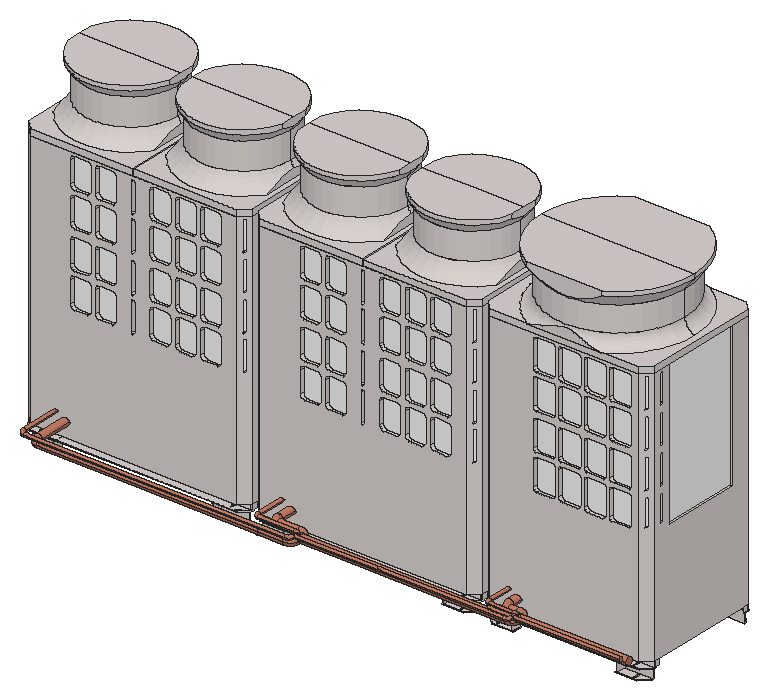
Revit family "PUHY-EP1000YSNW-A1", category 機械設備, Revit 2016 (continued)
Definition of nested family "PUHY-EP400YNW-A1"
  Cuts and joins
    Extrusion 2, Extrusion 3, Extrusion 4, Extrusion 5, Extrusion 6, Extrusion 7, Extrusion 8, Extrusion 9, Extrusion 10, Extrusion 11, Extrusion 12, Extrusion 13, Extrusion 14, Extrusion 15, Extrusion 16, Extrusion 17, Extrusion 18, Extrusion 19, Extrusion 20, Extrusion 21, Extrusion 22, Extrusion 23, Extrusion 24, Extrusion 25, Extrusion 26, Extrusion 27, Extrusion 28, Extrusion 29, Extrusion 30, Extrusion 31, Extrusion 32, Extrusion 33 cuts Extrusion 1
  Lines and regions (mm)
    model lines
      curve 1: line (-351, -291, 95) -> (-481, -291, 95)
      curve 2: line (-342, -206, 95) -> (-342, -282, 95)
      curve 3: line (-481, -197, 95) -> (-351, -197, 95)
      curve 4: line (-492, -280, 95) -> (-492, -208, 95)
      curve 5: arc (-492, -280, 95) -> (-488.778, -287.778, 95) -> (-481, -291, 95) r 11
      curve 6: arc (-351, -291, 95) -> (-344.636, -288.364, 95) -> (-342, -282, 95) r 9
      curve 7: arc (-342, -206, 95) -> (-344.636, -199.636, 95) -> (-351, -197, 95) r 9
      curve 8: arc (-481, -197, 95) -> (-488.778, -200.222, 95) -> (-492, -208, 95) r 11
      curve 9: line (-30, -370, 1521) -> (-30, -370, 95)
      curve 10: line (30, -370, 1521) -> (30, -370, 95)
      curve 11: line (-485, -370, 215) -> (-357, -370, 215)
      curve 12: line (-495, -370, 141) -> (-495, -370, 205)
      curve 13: line (-357, -370, 131) -> (-485, -370, 131)
      curve 14: line (-347, -370, 205) -> (-347, -370, 141)
      curve 15: arc (-485, -370, 215) -> (-492.071, -370, 212.071) -> (-495, -370, 205) r 10
      curve 16: arc (-495, -370, 141) -> (-492.071, -370, 133.929) -> (-485, -370, 131) r 10
      curve 17: arc (-357, -370, 131) -> (-349.929, -370, 133.929) -> (-347, -370, 141) r 10
      curve 18: arc (-347, -370, 205) -> (-349.929, -370, 212.071) -> (-357, -370, 215) r 10
      curve 19: line (-405, -370, 1521) -> (-405, -370, 716)
      curve 20: line (620, -162.3, 1521) -> (620, -162.3, 95)
      curve 21: line (620, 289.2, 1521) -> (620, 289.2, 95)
      curve 22: line (620, -162.3, 705) -> (620, 289.2, 705)
      curve 23: line (620, -162.3, 725) -> (620, 289.2, 725)
      curve 24: line (620, -76.8, 583) -> (620, 203.2, 583)
      curve 25: line (620, 203.2, 563) -> (620, -76.8, 563)
      curve 26: arc (620, -76.8, 583) -> (620, -83.871, 580.071) -> (620, -86.8, 573) r 10
      curve 27: arc (620, -76.8, 563) -> (620, -83.871, 565.929) -> (620, -86.8, 573) r 10
      curve 28: arc (620, 203.2, 583) -> (620, 210.271, 580.071) -> (620, 213.2, 573) r 10
      curve 29: arc (620, 203.2, 563) -> (620, 210.271, 565.929) -> (620, 213.2, 573) r 10
      curve 30: line (620, -76.8, 478) -> (620, 203.2, 478)
      curve 31: line (620, 203.2, 458) -> (620, -76.8, 458)
      curve 32: arc (620, -76.8, 478) -> (620, -83.871, 475.071) -> (620, -86.8, 468) r 10
      curve 33: arc (620, -76.8, 458) -> (620, -83.871, 460.929) -> (620, -86.8, 468) r 10
      curve 34: arc (620, 203.2, 478) -> (620, 210.271, 475.071) -> (620, 213.2, 468) r 10
      curve 35: arc (620, 203.2, 458) -> (620, 210.271, 460.929) -> (620, 213.2, 468) r 10
      curve 36: line (620, -76.8, 373) -> (620, 203.2, 373)
      curve 37: line (620, 203.2, 353) -> (620, -76.8, 353)
      curve 38: arc (620, -76.8, 373) -> (620, -83.871, 370.071) -> (620, -86.8, 363) r 10
      curve 39: arc (620, -76.8, 353) -> (620, -83.871, 355.929) -> (620, -86.8, 363) r 10
      curve 40: arc (620, 203.2, 373) -> (620, 210.271, 370.071) -> (620, 213.2, 363) r 10
      curve 41: arc (620, 203.2, 353) -> (620, 210.271, 355.929) -> (620, 213.2, 363) r 10
      curve 42: line (620, -76.8, 268) -> (620, 203.2, 268)
      curve 43: line (620, 203.2, 248) -> (620, -76.8, 248)
      curve 44: arc (620, -76.8, 268) -> (620, -83.871, 265.071) -> (620, -86.8, 258) r 10
      curve 45: arc (620, -76.8, 248) -> (620, -83.871, 250.929) -> (620, -86.8, 258) r 10
      curve 46: arc (620, 203.2, 268) -> (620, 210.271, 265.071) -> (620, 213.2, 258) r 10
      curve 47: arc (620, 203.2, 248) -> (620, 210.271, 250.929) -> (620, 213.2, 258) r 10
      curve 48: line (-620, -162.3, 1521) -> (-620, -162.3, 95)
      curve 49: line (-620, 235.7, 1521) -> (-620, 235.7, 95)
      curve 50: line (-620, -112.3, 1521) -> (-620, -112.3, 705)
      curve 51: line (-620, 215.7, 1521) -> (-620, 215.7, 705)
      curve 52: line (-620, 235.7, 705) -> (-620, -162.3, 705)
      curve 53: line (-620, 176.7, 268) -> (-620, -103.3, 268)
      curve 54: line (-620, -103.3, 248) -> (-620, 176.7, 248)
      curve 55: arc (-620, 186.7, 258) -> (-620, 183.771, 265.071) -> (-620, 176.7, 268) r 10
      curve 56: arc (-620, 176.7, 248) -> (-620, 183.771, 250.929) -> (-620, 186.7, 258) r 10
      curve 57: arc (-620, -103.3, 268) -> (-620, -110.371, 265.071) -> (-620, -113.3, 258) r 10
      curve 58: arc (-620, -113.3, 258) -> (-620, -110.371, 250.929) -> (-620, -103.3, 248) r 10
      curve 59: line (-620, 176.7, 373) -> (-620, -103.3, 373)
      curve 60: line (-620, -103.3, 353) -> (-620, 176.7, 353)
      curve 61: arc (-620, 186.7, 363) -> (-620, 183.771, 370.071) -> (-620, 176.7, 373) r 10
      curve 62: arc (-620, 176.7, 353) -> (-620, 183.771, 355.929) -> (-620, 186.7, 363) r 10
      curve 63: arc (-620, -103.3, 373) -> (-620, -110.371, 370.071) -> (-620, -113.3, 363) r 10
      curve 64: arc (-620, -113.3, 363) -> (-620, -110.371, 355.929) -> (-620, -103.3, 353) r 10
      curve 65: line (-620, 176.7, 478) -> (-620, -103.3, 478)
      curve 66: line (-620, -103.3, 458) -> (-620, 176.7, 458)
      curve 67: arc (-620, 186.7, 468) -> (-620, 183.771, 475.071) -> (-620, 176.7, 478) r 10
      curve 68: arc (-620, 176.7, 458) -> (-620, 183.771, 460.929) -> (-620, 186.7, 468) r 10
      curve 69: arc (-620, -103.3, 478) -> (-620, -110.371, 475.071) -> (-620, -113.3, 468) r 10
      curve 70: arc (-620, -113.3, 468) -> (-620, -110.371, 460.929) -> (-620, -103.3, 458) r 10
      curve 71: line (-620, 176.7, 583) -> (-620, -103.3, 583)
      curve 72: line (-620, -103.3, 563) -> (-620, 176.7, 563)
      curve 73: arc (-620, 186.7, 573) -> (-620, 183.771, 580.071) -> (-620, 176.7, 583) r 10
      curve 74: arc (-620, 176.7, 563) -> (-620, 183.771, 565.929) -> (-620, 186.7, 573) r 10
      curve 75: arc (-620, -103.3, 583) -> (-620, -110.371, 580.071) -> (-620, -113.3, 573) r 10
      curve 76: arc (-620, -113.3, 573) -> (-620, -110.371, 565.929) -> (-620, -103.3, 563) r 10
      curve 77: line (-544, 370, 1521) -> (-544, 370, 95)
      curve 78: line (489, 370, 649) -> (30, 370, 649)
      curve 79: line (-30.5, 370, 649) -> (-544, 370, 649)
      curve 80: line (-147.25, 370, 584) -> (-427.25, 370, 584)
      curve 81: line (-427.25, 370, 564) -> (-147.25, 370, 564)
      curve 82: arc (-137.25, 370, 574) -> (-140.179, 370, 581.071) -> (-147.25, 370, 584) r 10
      curve 83: arc (-147.25, 370, 564) -> (-140.179, 370, 566.929) -> (-137.25, 370, 574) r 10
      curve 84: arc (-427.25, 370, 584) -> (-434.321, 370, 581.071) -> (-437.25, 370, 574) r 10
      curve 85: arc (-437.25, 370, 574) -> (-434.321, 370, 566.929) -> (-427.25, 370, 564) r 10
      curve 86: circle (448, -185, 1521) r 15 normal (0, 0, 1)
      curve 87: circle (468, -185, 95) r 26 normal (0, 0, 1)
      curve 88: circle (448, -260, 95) r 32.5 normal (0, 0, 1)
      curve 89: circle (404, -204, 95) r 17 normal (0, 0, 1)
      curve 90: line (-550, -370, 1521) -> (-550, -370, 95)
      curve 91: line (-550, -370, 716) -> (-30, -370, 716)
      curve 92: line (550, -370, 95) -> (550, -370, 1521)
      curve 93: line (30, -370, 716) -> (550, -370, 716)
      curve 94: line (-30.5, 370, 1521) -> (-30.5, 370, 95)
      curve 95: line (30, 370, 1521) -> (30, 370, 95)
      curve 96: line (489, 370, 1521) -> (489, 370, 95)
      curve 97: line (467, 370, 669) -> (467, 370, 649)
      curve 98: line (-352, -370, 223) -> (-550, -370, 223)
      curve 99: line (-342, -370, 213) -> (-342, -370, 95)
      curve 100: arc (-342, -370, 213) -> (-344.929, -370, 220.071) -> (-352, -370, 223) r 10
      curve 101: circle (488, -370, 160) r 32.5 normal (0, -1, 0)
      curve 102: circle (488, -370, 160) r 20 normal (0, -1, 0)
      curve 103: circle (364, -370, 150) r 17 normal (0, -1, 0)
      curve 104: circle (413, -370, 185) r 26 normal (0, -1, 0)
      curve 105: circle (413, -370, 185) r 13.5 normal (0, -1, 0)
      curve 106: line (352, -370, 223) -> (550, -370, 223)
      curve 107: line (342, -370, 213) -> (342, -370, 95)
      curve 108: arc (342, -370, 213) -> (344.929, -370, 220.071) -> (352, -370, 223) r 10
      curve 109: line (-147.25, 370, 479) -> (-427.25, 370, 479)
      curve 110: line (-427.25, 370, 459) -> (-147.25, 370, 459)
      curve 111: arc (-137.25, 370, 469) -> (-140.179, 370, 476.071) -> (-147.25, 370, 479) r 10
      curve 112: arc (-147.25, 370, 459) -> (-140.179, 370, 461.929) -> (-137.25, 370, 469) r 10
      curve 113: arc (-427.25, 370, 479) -> (-434.321, 370, 476.071) -> (-437.25, 370, 469) r 10
      curve 114: arc (-437.25, 370, 469) -> (-434.321, 370, 461.929) -> (-427.25, 370, 459) r 10
      curve 115: line (-147.25, 370, 374) -> (-427.25, 370, 374)
      curve 116: line (-427.25, 370, 354) -> (-147.25, 370, 354)
      curve 117: arc (-137.25, 370, 364) -> (-140.179, 370, 371.071) -> (-147.25, 370, 374) r 10
      curve 118: arc (-147.25, 370, 354) -> (-140.179, 370, 356.929) -> (-137.25, 370, 364) r 10
      curve 119: arc (-427.25, 370, 374) -> (-434.321, 370, 371.071) -> (-437.25, 370, 364) r 10
      curve 120: arc (-437.25, 370, 364) -> (-434.321, 370, 356.929) -> (-427.25, 370, 354) r 10
      curve 121: line (-147.25, 370, 269) -> (-427.25, 370, 269)
      curve 122: line (-427.25, 370, 249) -> (-147.25, 370, 249)
      curve 123: arc (-137.25, 370, 259) -> (-140.179, 370, 266.071) -> (-147.25, 370, 269) r 10
      curve 124: arc (-147.25, 370, 249) -> (-140.179, 370, 251.929) -> (-137.25, 370, 259) r 10
      curve 125: arc (-427.25, 370, 269) -> (-434.321, 370, 266.071) -> (-437.25, 370, 259) r 10
      curve 126: arc (-437.25, 370, 259) -> (-434.321, 370, 251.929) -> (-427.25, 370, 249) r 10
      curve 127: line (399.5, 370, 584) -> (119.5, 370, 584)
      curve 128: line (119.5, 370, 564) -> (399.5, 370, 564)
      curve 129: arc (409.5, 370, 574) -> (406.571, 370, 581.071) -> (399.5, 370, 584) r 10
      curve 130: arc (399.5, 370, 564) -> (406.571, 370, 566.929) -> (409.5, 370, 574) r 10
      curve 131: arc (119.5, 370, 584) -> (112.429, 370, 581.071) -> (109.5, 370, 574) r 10
      curve 132: arc (109.5, 370, 574) -> (112.429, 370, 566.929) -> (119.5, 370, 564) r 10
      curve 133: line (399.5, 370, 479) -> (119.5, 370, 479)
      curve 134: line (119.5, 370, 459) -> (399.5, 370, 459)
      curve 135: arc (409.5, 370, 469) -> (406.571, 370, 476.071) -> (399.5, 370, 479) r 10
      curve 136: arc (399.5, 370, 459) -> (406.571, 370, 461.929) -> (409.5, 370, 469) r 10
      curve 137: arc (119.5, 370, 479) -> (112.429, 370, 476.071) -> (109.5, 370, 469) r 10
      curve 138: arc (109.5, 370, 469) -> (112.429, 370, 461.929) -> (119.5, 370, 459) r 10
      curve 139: line (399.5, 370, 374) -> (119.5, 370, 374)
      curve 140: line (119.5, 370, 354) -> (399.5, 370, 354)
      curve 141: arc (409.5, 370, 364) -> (406.571, 370, 371.071) -> (399.5, 370, 374) r 10
      curve 142: arc (399.5, 370, 354) -> (406.571, 370, 356.929) -> (409.5, 370, 364) r 10
      curve 143: arc (119.5, 370, 374) -> (112.429, 370, 371.071) -> (109.5, 370, 364) r 10
      curve 144: arc (109.5, 370, 364) -> (112.429, 370, 356.929) -> (119.5, 370, 354) r 10
      curve 145: line (399.5, 370, 269) -> (119.5, 370, 269)
      curve 146: line (119.5, 370, 249) -> (399.5, 370, 249)
      curve 147: arc (409.5, 370, 259) -> (406.571, 370, 266.071) -> (399.5, 370, 269) r 10
      curve 148: arc (399.5, 370, 249) -> (406.571, 370, 251.929) -> (409.5, 370, 259) r 10
      curve 149: arc (119.5, 370, 269) -> (112.429, 370, 266.071) -> (109.5, 370, 259) r 10
      curve 150: arc (109.5, 370, 259) -> (112.429, 370, 251.929) -> (119.5, 370, 249) r 10
      curve 151: line (399.5, -370, 584) -> (119.5, -370, 584)
      curve 152: line (119.5, -370, 564) -> (399.5, -370, 564)
      curve 153: arc (409.5, -370, 574) -> (406.571, -370, 581.071) -> (399.5, -370, 584) r 10
      curve 154: arc (399.5, -370, 564) -> (406.571, -370, 566.929) -> (409.5, -370, 574) r 10
      curve 155: arc (119.5, -370, 584) -> (112.429, -370, 581.071) -> (109.5, -370, 574) r 10
      curve 156: arc (109.5, -370, 574) -> (112.429, -370, 566.929) -> (119.5, -370, 564) r 10
      curve 157: line (399.5, -370, 479) -> (119.5, -370, 479)
      curve 158: line (119.5, -370, 459) -> (399.5, -370, 459)
      curve 159: arc (409.5, -370, 469) -> (406.571, -370, 476.071) -> (399.5, -370, 479) r 10
      curve 160: arc (399.5, -370, 459) -> (406.571, -370, 461.929) -> (409.5, -370, 469) r 10
      curve 161: arc (119.5, -370, 479) -> (112.429, -370, 476.071) -> (109.5, -370, 469) r 10
      curve 162: arc (109.5, -370, 469) -> (112.429, -370, 461.929) -> (119.5, -370, 459) r 10
      curve 163: line (399.5, -370, 374) -> (119.5, -370, 374)
      curve 164: line (119.5, -370, 354) -> (399.5, -370, 354)
      curve 165: arc (409.5, -370, 364) -> (406.571, -370, 371.071) -> (399.5, -370, 374) r 10
      curve 166: arc (399.5, -370, 354) -> (406.571, -370, 356.929) -> (409.5, -370, 364) r 10
      curve 167: arc (119.5, -370, 374) -> (112.429, -370, 371.071) -> (109.5, -370, 364) r 10
      curve 168: arc (109.5, -370, 364) -> (112.429, -370, 356.929) -> (119.5, -370, 354) r 10
      curve 169: arc (119.5, -370, 269) -> (112.429, -370, 266.071) -> (109.5, -370, 259) r 10
      curve 170: arc (109.5, -370, 259) -> (112.429, -370, 251.929) -> (119.5, -370, 249) r 10
      curve 171: line (-147.25, -370, 584) -> (-427.25, -370, 584)
      curve 172: line (-427.25, -370, 564) -> (-147.25, -370, 564)
      curve 173: arc (-137.25, -370, 574) -> (-140.179, -370, 581.071) -> (-147.25, -370, 584) r 10
      curve 174: arc (-147.25, -370, 564) -> (-140.179, -370, 566.929) -> (-137.25, -370, 574) r 10
      curve 175: arc (-427.25, -370, 584) -> (-434.321, -370, 581.071) -> (-437.25, -370, 574) r 10
      curve 176: arc (-437.25, -370, 574) -> (-434.321, -370, 566.929) -> (-427.25, -370, 564) r 10
      curve 177: line (-147.25, -370, 479) -> (-427.25, -370, 479)
      curve 178: line (-427.25, -370, 459) -> (-147.25, -370, 459)
      curve 179: arc (-137.25, -370, 469) -> (-140.179, -370, 476.071) -> (-147.25, -370, 479) r 10
      curve 180: arc (-147.25, -370, 459) -> (-140.179, -370, 461.929) -> (-137.25, -370, 469) r 10
      curve 181: arc (-427.25, -370, 479) -> (-434.321, -370, 476.071) -> (-437.25, -370, 469) r 10
      curve 182: arc (-437.25, -370, 469) -> (-434.321, -370, 461.929) -> (-427.25, -370, 459) r 10
      curve 183: line (-147.25, -370, 374) -> (-427.25, -370, 374)
      curve 184: line (-427.25, -370, 354) -> (-147.25, -370, 354)
      curve 185: arc (-137.25, -370, 364) -> (-140.179, -370, 371.071) -> (-147.25, -370, 374) r 10
      curve 186: arc (-147.25, -370, 354) -> (-140.179, -370, 356.929) -> (-137.25, -370, 364) r 10
      curve 187: arc (-427.25, -370, 374) -> (-434.321, -370, 371.071) -> (-437.25, -370, 364) r 10
      curve 188: arc (-437.25, -370, 364) -> (-434.321, -370, 356.929) -> (-427.25, -370, 354) r 10
      curve 189: line (-147.25, -370, 269) -> (-262.25, -370, 269)
      curve 190: line (-262.25, -370, 249) -> (-147.25, -370, 249)
      curve 191: arc (-137.25, -370, 259) -> (-140.179, -370, 266.071) -> (-147.25, -370, 269) r 10
      curve 192: arc (-147.25, -370, 249) -> (-140.179, -370, 251.929) -> (-137.25, -370, 259) r 10
      curve 193: arc (-262.25, -370, 269) -> (-269.321, -370, 266.071) -> (-272.25, -370, 259) r 10
      curve 194: arc (-272.25, -370, 259) -> (-269.321, -370, 251.929) -> (-262.25, -370, 249) r 10
      curve 195: line (234.5, -370, 269) -> (119.5, -370, 269)
      curve 196: line (119.5, -370, 249) -> (234.5, -370, 249)
      curve 197: arc (244.5, -370, 259) -> (241.571, -370, 266.071) -> (234.5, -370, 269) r 10
      curve 198: arc (234.5, -370, 249) -> (241.571, -370, 251.929) -> (244.5, -370, 259) r 10
  Dimensions and locks
    nested 2 to nested 2 = 303.000 mm
    cut or joined group 1 (Extrusion 1, Extrusion 2, Extrusion 3, Extrusion 4, Extrusion 5, Extrusion 6, Extrusion 7, Extrusion 8, Extrusion 9, Extrusion 10, Extrusion 11, Extrusion 12, Extrusion 13, Extrusion 14, Extrusion 15, Extrusion 16, Extrusion 17, Extrusion 18, Extrusion 19, Extrusion 20, Extrusion 21, Extrusion 22, Extrusion 23, Extrusion 24, Extrusion 25, Extrusion 26, Extrusion 27, Extrusion 28, Extrusion 29, Extrusion 30, Extrusion 31, Extrusion 32, Extrusion 33) to cut or joined group 1 = 1240.000 mm
    Extrusion 2 sketch curve to Extrusion 2 sketch curve = 116.800 mm
    Extrusion 2 sketch curve to Extrusion 2 sketch curve = 170.800 mm
    Extrusion 3 sketch curve to Extrusion 3 sketch curve = 116.800 mm
    Extrusion 3 sketch curve to Extrusion 3 sketch curve = 170.800 mm
    Extrusion 4 sketch curve to Extrusion 4 sketch curve = 116.800 mm
    Extrusion 4 sketch curve to Extrusion 4 sketch curve = 170.800 mm
    Extrusion 5 sketch curve to Extrusion 5 sketch curve = 116.800 mm
    Extrusion 5 sketch curve to Extrusion 5 sketch curve = 170.800 mm
    Extrusion 6 sketch curve to Extrusion 6 sketch curve = 116.800 mm
    Extrusion 6 sketch curve to Extrusion 6 sketch curve = 170.800 mm
    Extrusion 7 sketch curve to Extrusion 7 sketch curve = 116.800 mm
    Extrusion 7 sketch curve to Extrusion 7 sketch curve = 170.800 mm
    Extrusion 8 sketch curve to Extrusion 8 sketch curve = 116.800 mm
    Extrusion 8 sketch curve to Extrusion 8 sketch curve = 170.800 mm
    Extrusion 9 sketch curve to Extrusion 9 sketch curve = 116.800 mm
    Extrusion 9 sketch curve to Extrusion 9 sketch curve = 170.800 mm
    cut or joined group 1 to cut or joined group 1 = 50.000 mm  (x2)
    Extrusion 10 sketch curve to Extrusion 10 sketch curve = 116.800 mm
    Extrusion 10 sketch curve to Extrusion 10 sketch curve = 170.800 mm
    Extrusion 11 sketch curve to Extrusion 11 sketch curve = 116.800 mm
    Extrusion 11 sketch curve to Extrusion 11 sketch curve = 170.800 mm
    Extrusion 12 sketch curve to Extrusion 12 sketch curve = 116.800 mm
    Extrusion 12 sketch curve to Extrusion 12 sketch curve = 170.800 mm
    Extrusion 13 sketch curve to Extrusion 13 sketch curve = 116.800 mm
    Extrusion 13 sketch curve to Extrusion 13 sketch curve = 170.800 mm
    Extrusion 14 sketch curve to Extrusion 14 sketch curve = 116.800 mm
    Extrusion 14 sketch curve to Extrusion 14 sketch curve = 170.800 mm
    Extrusion 15 sketch curve to Extrusion 15 sketch curve = 116.800 mm
    Extrusion 15 sketch curve to Extrusion 15 sketch curve = 170.800 mm
    Extrusion 16 sketch curve to Extrusion 16 sketch curve = 116.800 mm
    Extrusion 16 sketch curve to Extrusion 16 sketch curve = 170.800 mm
    Extrusion 17 sketch curve to Extrusion 17 sketch curve = 116.800 mm
    Extrusion 17 sketch curve to Extrusion 17 sketch curve = 170.800 mm
    Extrusion 18 sketch curve to Extrusion 18 sketch curve = 116.800 mm
    Extrusion 18 sketch curve to Extrusion 18 sketch curve = 170.800 mm
    Extrusion 19 sketch curve to Extrusion 19 sketch curve = 116.800 mm
    Extrusion 19 sketch curve to Extrusion 19 sketch curve = 170.800 mm
    Extrusion 20 sketch curve to Extrusion 20 sketch curve = 116.800 mm
    Extrusion 20 sketch curve to Extrusion 20 sketch curve = 170.800 mm
    Extrusion 21 sketch curve to Extrusion 21 sketch curve = 116.800 mm
    Extrusion 21 sketch curve to Extrusion 21 sketch curve = 170.800 mm
    plane 3 "Center (Left/Right)" to cut or joined group 1 = 620.000 mm
    cut or joined group 1 to plane 3 "Center (Left/Right)" = 620.000 mm
    Extrusion 1 sketch curve to Extrusion 1 sketch curve = 1240.000 mm
    cut or joined group 1 to plane 8 = 185.000 mm
    cut or joined group 1 to plane 7 = 166.000 mm
    cut or joined group 1 to plane 6 = 110.000 mm
    cut or joined group 1 to plane 12 to cut or joined group 1 = 805.000 mm, 621.000 mm
    plane 5 to plane 2 = 1858.000 mm  (x2)
    cut or joined group 1 to plane 19 "132" = 132.000 mm
    cut or joined group 1 to plane 22 = 207.000 mm
    cut or joined group 1 to plane 23 = 256.000 mm
    cut or joined group 1 to plane 6 = 60.000 mm
    cut or joined group 1 to cut or joined group 1 = 42.154 mm
    cut or joined group 1 to cut or joined group 1 = 11.895 mm
    nested 1 to nested 3 to level = 1798.000 mm, 60.000 mm
    nested 1 to nested 1 = 303.000 mm
    nested 1 to nested 3 = 1495.000 mm
    nested 8 to nested 8 to nested 8 to nested 7 to nested 7 to nested 7 = 54.000 mm, 20.000 mm, 592.000 mm, 20.000 mm, 54.000 mm
    nested 3 to nested 3 = 56.000 mm
    plane 11 to plane 31 to plane 32 to cut or joined group 1 = 90.000 mm, 1060.000 mm, 90.000 mm
    curve 103 to nested 7 = 90.000 mm
    curve 104 to nested 7 = 125.000 mm
    curve 101 to nested 7 = 100.000 mm
    curve 11 to curve 13 to nested 7 = 84.000 mm, 71.000 mm
    cut or joined group 1 to curve 12 to curve 14 = 125.000 mm, 148.000 mm
    nested 2 to nested 7 = 1495.000 mm
    curve 87 to cut or joined group 1 = 152.000 mm
    curve 88 to cut or joined group 1 = 172.000 mm
    curve 89 to cut or joined group 1 = 216.000 mm
    cut or joined group 1 to curve 4 to curve 2 = 128.000 mm, 150.000 mm
    cut or joined group 1 to curve 1 to curve 3 = 79.000 mm, 94.000 mm
    Extrusion 32 sketch curve to nested 7 = 116.000 mm
    cut or joined group 1 to Extrusion 32 sketch curve = 160.000 mm
    cut or joined group 1 to Extrusion 33 sketch curve = 243.000 mm
    Extrusion 33 sketch curve to nested 7 = 116.000 mm
    aligned and locked: level to plane 2
    aligned and locked: Extrusion 1 to plane 4
  Nested families
    nested 1: "FAN GUARD" at (-311.5, 2, 860), type "FAN GUARD"
      with WIDTH 870.000 mm
    nested 2: "FAN GUARD" at (311.5, 2, 860) x (-1, 0, 0) z (0, 0, 1), type "FAN GUARD"
      with WIDTH 870.000 mm
    nested 3: "ATTACHMENT LEG" at (-524, -349, 0), type "ATTACHMENT LEG"
    nested 4: "ATTACHMENT LEG" at (-524, 349, 0), type "ATTACHMENT LEG"
    nested 5: "ATTACHMENT LEG" at (524, -349, 0) x (-1, 0, 0) z (0, 0, 1), type "ATTACHMENT LEG"
    nested 6: "ATTACHMENT LEG" at (524, 349, 0) x (-1, 0, 0) z (0, 0, 1), type "ATTACHMENT LEG"
    nested 7: "BASE LEG_L_" at (0, -352, 60), type "BASE LEG_L_"
      with Width 1240.000 mm
    nested 8: "BASE LEG_L_" at (0, 352, 60), type "BASE LEG_L_"
      with Width 1240.000 mm
  Connectors
    piping at (-460, -191, 176), diameter 25.4, driven by "Liquid pipe_radius"
      settings: on cut or joined group 1, index 3, connector inside diameter 25.4 mm, connector length 0.000 mm, flow factor 0, pipe flow 0.0 L/s, pressure drop 0.0 Pa, fitting loss kfactor 0, connector angle 0.00°, fixture units 0, engagement length 0.000 mm, angle of deflection 0.00°, flow configuration 0, flow direction 0, fitting loss method 0, system type 22, joint type 0, gender type 0, connector reference index -1, connector utility 0, adjustable connector no, is connector primary yes, connector description "Refrigerant service valve<Liquid pipe>"
    piping at (-377, -191, 176), diameter 28.58, driven by "Gas pipe_radius"
      settings: on cut or joined group 1, index 4, connector inside diameter 28.58 mm, connector length 0.000 mm, flow factor 0, pipe flow 0.0 L/s, pressure drop 0.0 Pa, fitting loss kfactor 0, connector angle 0.00°, fixture units 0, engagement length 0.000 mm, angle of deflection 0.00°, flow configuration 0, flow direction 0, fitting loss method 0, system type 22, joint type 0, gender type 0, connector reference index -1, connector utility 0, adjustable connector no, is connector primary no, connector description "Refrigerant service valve<Gas>"
    electrical at (0, -370, 808)
      settings: on cut or joined group 1, index 5, voltage 0 V, apparent load 0 VA, apparent load phase1 0 VA, apparent load phase2 0 VA, apparent load phase3 0 VA, power factor 1, load classification none, number of poles 1, system type 30, power factor state 1, is connector primary yes, connector utility no, sub classification motor no, connector description ""
  Definition of nested family "FAN GUARD"
    Parameters
      WIDTH [instance] = 870.000 mm
    Reference planes
      plane 1 "中心(正面/背面)": y = -2
      plane 2: z = 0
      plane 3 "ファンガード基準面": z = 661
      plane 4: y = 368
      plane 5: x = 366
      plane 6: x = -375
      plane 7 "ファンガード基準上面": z = 695
      plane 8 "ファンガード上面": z = 998
      plane 9: x = -273.971
      plane 10: x = 308.5
      plane 11: x = -308.5
      plane 12: x = 0
    Forms (mm)
      Extrusion 1, solid
        sketch origin (85, 0, 661) x (-1, 0, 0) y (0, -1, 0)
          loop
            line (343.5, -368) -> (393.5, -318) -> (393.5, 322) -> (343.5, 372) -> (-223.5, 372) -> (-223.5, -368) -> (343.5, -368)
        from 0 to 34
      Revolve 2, solid
        sketch origin (0, -2, 0) x (1, 0, 0) y (0, 0, 1)
          loop
            line (0, 695) -> (0, 998) -> (-290, 998) -> (-290, 972.327) -> (-260, 928.372) -> (-260, 777.384)
            arc (-260, 777.384) -> (-290.651, 730.137) -> (-334.665, 695) r 175.882
            line (-334.665, 695) -> (0, 695)
          axis (0, 998) -> (0, 695)
        angle from 0 to 360
      Extrusion 3, void
        sketch origin (-840, 75, 695) x (-1, 0, 0) y (0, -1, 0)
          loop
            line (-410, -165) -> (-410, 315) -> (-561.253, 315) -> (-561.253, -165) -> (-410, -165)
        from -35 to 430.592
      Extrusion 4, void
        sketch origin (840, 75, 695) x (1, 0, 0) y (0, 1, 0)
          loop
            line (-410, 165) -> (-561.253, 165) -> (-561.253, -315) -> (-410, -315) -> (-410, 165)
        from 0 to 430.592
    Cuts and joins
      Extrusion 3, Extrusion 4 cuts Revolve 2
      Extrusion 4 cuts Extrusion 1
    Lines and regions (mm)
      model lines
        curve 1: line (-278.747, 0, 998) -> (-80, 0, 998)
        curve 2: line (80, 0, 998) -> (278.747, 0, 998)
        curve 3: circle (0, 0, 998) r 80 normal (0, 0, 1)
        curve 4: line (-278.747, -80, 998) -> (278.747, -80, 998)
        curve 5: line (-241.868, -160, 998) -> (241.868, -160, 998)
        curve 6: line (-162.788, -240, 998) -> (162.788, -240, 998)
        curve 7: line (-278.747, 80, 998) -> (278.747, 80, 998)
        curve 8: line (-241.868, 160, 998) -> (240, 160, 998)
        curve 9: line (-160, 240, 998) -> (162.788, 240, 998)
        curve 10: line (0, 290, 998) -> (0, -290, 998)
        curve 11: line (-20, 289.31, 998) -> (-20, -289.31, 998)
        curve 12: line (-40, 287.228, 998) -> (-40, -287.228, 998)
        curve 13: line (-60, 283.725, 998) -> (-60, -283.725, 998)
        curve 14: line (-80, 278.747, 998) -> (-80, -278.747, 998)
        curve 15: line (20, 289.31, 998) -> (20, -289.31, 998)
        curve 16: line (40, 287.228, 998) -> (40, -287.228, 998)
        curve 17: line (60, 283.725, 998) -> (60, -283.725, 998)
        curve 18: line (80, 278.747, 998) -> (80, -278.747, 998)
        curve 19: line (100, 272.213, 998) -> (100, -272.213, 998)
        curve 20: line (120, 264.008, 998) -> (120, -264.008, 998)
        curve 21: line (140, 253.969, 998) -> (140, -253.969, 998)
        curve 22: line (160, 241.868, 998) -> (160, -243.132, 998)
        curve 23: line (180, 227.376, 998) -> (180, -227.624, 998)
        curve 24: line (200, 210, 998) -> (200, -210, 998)
        curve 25: line (220, 188.944, 998) -> (220, -188.944, 998)
        curve 26: line (240, 160, 998) -> (240, -162.788, 998)
        curve 27: line (260, 128.452, 998) -> (260, -128.452, 998)
        curve 28: line (-100, 272.213, 998) -> (-100, -272.213, 998)
        curve 29: line (-120, 264.008, 998) -> (-120, -264.008, 998)
        curve 30: line (-140, 253.969, 998) -> (-140, -253.969, 998)
        curve 31: line (-160, 240, 998) -> (-160, -241.868, 998)
        curve 32: line (-180, 227.376, 998) -> (-180, -227.376, 998)
        curve 33: line (-200, 210, 998) -> (-200, -210, 998)
        curve 34: line (-220, 188.944, 998) -> (-220, -188.944, 998)
        curve 35: line (-240, 162.788, 998) -> (-240, -162.788, 998)
        curve 36: line (-260, 128.452, 998) -> (-260, -128.452, 998)
        curve 37: line (10, 79.373, 998) -> (10, -79.373, 998)
        curve 38: line (-10, 79.373, 998) -> (-10, -79.373, 998)
        curve 39: line (30, 74.162, 998) -> (30, -74.162, 998)
        curve 40: line (50, 62.45, 998) -> (50, -62.45, 998)
        curve 41: line (70, 38.73, 998) -> (70, -38.73, 998)
        curve 42: line (-30, 74.162, 998) -> (-30, -74.162, 998)
        curve 43: line (-50, 62.45, 998) -> (-50, -62.45, 998)
        curve 44: line (-70, 38.73, 998) -> (-70, -38.73, 998)
    Dimensions and locks
      locked: plane 8 "ファンガード上面" to plane 7 "ファンガード基準上面" at 303
      plane 8 "ファンガード上面" to plane 3 "ファンガード基準面" = 337.000 mm
      Revolve 2 sketch curve to Revolve 2 sketch curve = 290.000 mm
      Extrusion 1 sketch curve to Extrusion 1 sketch curve = 740.000 mm
      equal spacing: Extrusion 1 sketch curve, plane 1 "中心(正面/背面)", Extrusion 1 sketch curve
      plane 6 to plane 5 = 741.000 mm
      Extrusion 1 sketch curve to Extrusion 1 sketch curve = 617.000 mm
      plane 11 to plane 10 = 617.000 mm
      cut or joined group of Extrusion 1, Extrusion 4 to cut or joined group of Extrusion 1, Extrusion 4 = 617.000 mm
      cut or joined group of Extrusion 1, Extrusion 4 to cut or joined group of Extrusion 1, Extrusion 4 = 740.000 mm
      aligned and locked: level to plane 2
      aligned and locked: plane 7 "ファンガード基準上面" to Extrusion 1
      aligned and locked: plane 3 "ファンガード基準面" to Extrusion 1
      aligned and locked: cut or joined group of Revolve 2, Extrusion 3, Extrusion 4 to plane 8 "ファンガード上面"
  Definition of nested family "ATTACHMENT LEG"
    Parameters
      Width = 145.000 mm
    Reference planes
      plane 1: z = 0
      plane 2 "中心(左/右)": x = -6
      plane 3: x = -52
      plane 4: x = 85
      plane 5: x = 93
      plane 6: y = -21
      plane 7: y = 27
      plane 8: x = -30
      plane 9: y = 39
      plane 10: z = 60
      plane 11: z = 57
      plane 12: z = 3
      plane 13: x = 82
      plane 14: y = 36
      plane 15: x = -75
      plane 16: y = 31
      plane 17 "幅": x = 93
      plane 18: y = 2.5
      plane 19: y = 21
      plane 20: y = -10
    Forms (mm)
      Extrusion 1, solid
        sketch origin (0, -1, 0) x (1, 0, 0) y (0, 1, 0)
          loop
            line (-75, 36) -> (-75, 27) -> (-28, -20) -> (93, -20) -> (93, 32) -> (85, 32) -> (85, 36) -> (-75, 36)
        from 0 to 60
      Extrusion 2, void
        sketch origin (0, -3, 0) x (1, 0, 0) y (0, 0, 1)
          loop
            line (-75, 57) -> (-75, 3) -> (82, 3) -> (82, 57) -> (-75, 57)
          loop
            line (93, 57) -> (85, 57) -> (85, 3) -> (93, 3) -> (93, 57)
        from -35 to 18
      Extrusion 3, void
        sketch origin (-6, 5.5, 0) x (1, 0, 0) y (0, 1, 0)
          loop
            arc (-7, -8.5) -> (0, -15.5) -> (7, -8.5) r 7
            line (7, -8.5) -> (7, 8.5)
            arc (7, 8.5) -> (0, 15.5) -> (-7, 8.5) r 7
            line (-7, 8.5) -> (-7, -8.5)
        from 0 to 60
    Cuts and joins
      Extrusion 2, Extrusion 3 cuts Extrusion 1
    Dimensions and locks
      locked: plane 3 to plane 4 at 137
      locked: plane 3 to plane 5 at 145
      plane 6 to plane 7 = 48.000 mm
      locked: plane 10 to level at 60
      Extrusion 3 sketch curve to plane 2 "中心(左/右)" = 7.000 mm
      locked: plane 15 to plane 2 "中心(左/右)" at 69
      locked: plane 15 to plane 8 at 45
      locked: plane 6 to plane 18 at 23.5
      cut or joined group of Extrusion 1, Extrusion 2, Extrusion 3 to cut or joined group of Extrusion 1, Extrusion 2, Extrusion 3 = 168.000 mm
      cut or joined group of Extrusion 1, Extrusion 2, Extrusion 3 to cut or joined group of Extrusion 1, Extrusion 2, Extrusion 3 = 56.000 mm  (x2)
      plane 14 to plane 6 = 57.000 mm
      aligned and locked: level to plane 1
      aligned and locked: Extrusion 1 sketch curve to plane 4
      aligned and locked: Extrusion 1 sketch curve to plane 5
      aligned: plane 8 to Extrusion 1 sketch curve
      aligned and locked: plane 10 to Extrusion 1
      aligned and locked: Extrusion 2 sketch curve to plane 11
      aligned: plane 3 to Extrusion 2 sketch curve
      aligned and locked: plane 12 to Extrusion 2 sketch curve
      aligned and locked: Extrusion 2 sketch curve to plane 13
      aligned and locked: plane 6 to Extrusion 2
      aligned and locked: plane 11 to Extrusion 2 sketch curve
      aligned and locked: plane 5 to Extrusion 2 sketch curve
      aligned and locked: Extrusion 2 sketch curve to plane 12
      aligned and locked: Extrusion 2 sketch curve to plane 4
      aligned and locked: plane 15 to Extrusion 1 sketch curve
      aligned and locked: Extrusion 2 sketch curve to cut or joined group of Extrusion 1, Extrusion 2, Extrusion 3
      aligned and locked: Extrusion 1 to plane 16
  Definition of nested family "BASE LEG_L_"
    Parameters
      Width [instance] = 1240.000 mm
    Reference planes
      plane 1 "中心(正面/背面)": y = 0
      plane 2: z = 0
      plane 3 "中心(左/右)": x = 0
      plane 4: x = 620
      plane 5: x = -620
      plane 6: x = -530
      plane 7: x = 530
      plane 8: y = -18
      plane 9: y = 39
      plane 10: z = 53
      plane 11: y = 42
      plane 12: y = 27
      plane 13: x = 575
      plane 14: x = -575
      plane 15: z = 8
      plane 16: y = 11.5
      plane 17: z = 35
    Forms (mm)
      Extrusion 1, solid
        sketch origin (0, 0, 0) x (0, 1, 0) y (0, 0, 1)
          loop
            line (-18, 0) -> (36, 0) -> (36, 32) -> (56, 32) -> (56, 35) -> (33, 35) -> (33, 3) -> (-18, 3) -> (-18, 0)
        from -620 to 620
      Extrusion 2, void
        sketch origin (0, 0, 0) x (1, 0, 0) y (0, 1, 0)
          loop
            line (575, -18) -> (620, -18) -> (620, 27) -> (575, -18)
          loop
            line (-575, -18) -> (-620, 27) -> (-620, -18) -> (-575, -18)
        from 0 to 250
      Extrusion 3, void
        sketch origin (0, 12.023, 0) x (1, 0, 0) y (0, 1, 0)
          loop
            arc (523, -2.971) -> (530, -9.971) -> (537, -2.971) r 7
            line (537, -2.971) -> (537, 3.023)
            arc (537, 3.023) -> (530, 10.023) -> (523, 3.023) r 7
            line (523, 3.023) -> (523, -2.971)
          loop
            line (-523, -2.971) -> (-523, 3.023)
            arc (-523, 3.023) -> (-530, 10.023) -> (-537, 3.023) r 7
            line (-537, 3.023) -> (-537, -2.971)
            arc (-537, -2.971) -> (-530, -9.971) -> (-523, -2.971) r 7
        from 0 to 250
      Extrusion 4, solid
        sketch origin (0, 0, -3) x (1, 0, 0) y (0, 0, 1)
          loop
            line (617, 8) -> (620, 8) -> (620, 35) -> (617, 35) -> (617, 8)
          loop
            line (-617, 8) -> (-617, 35) -> (-620, 35) -> (-620, 8) -> (-617, 8)
        from -36 to -56
      Extrusion 5, solid
        sketch origin (150, 352, 0) x (1, 0, 0) y (0, 1, 0)
          loop
            line (460, -319) -> (455, -319) -> (455, -320) -> (405, -370) -> (410, -370) -> (460, -320) -> (460, -319)
        from 3 to 35
      Extrusion 6, void
        sketch origin (560, -18, 0) x (0.707107, 0.707107, 0) y (0, 0, 1)
          loop
            line (70.711, 3) -> (-6.741, 39.767) -> (-6.741, 3) -> (70.711, 3)
        from -190.256 to 23.776
      Extrusion 7, solid
        sketch origin (-150, 352, 0) x (-1, 0, 0) y (0, -1, 0)
          loop
            line (460, 319) -> (460, 320) -> (410, 370) -> (405, 370) -> (455, 320) -> (455, 319) -> (460, 319)
        from 3 to 35
      Extrusion 8, void
        sketch origin (-560, -18, 0) x (0.707107, -0.707107, 0) y (0, 0, -1)
          loop
            line (-70.711, -3) -> (0, -35) -> (6.741, -35) -> (6.741, -3) -> (-70.711, -3)
        from -190.256 to 23.776
    Cuts and joins
      Extrusion 2, Extrusion 3 cuts Extrusion 1
      joined: Extrusion 1, Extrusion 4
      Extrusion 8 cuts Extrusion 7
      Extrusion 6 cuts Extrusion 5
    Dimensions and locks
      "Width": plane 5 to plane 4
      equal spacing: plane 5, plane 3 "中心(左/右)", plane 4
      locked: plane 5 to plane 6 at 90
      locked: plane 7 to plane 4 at 90
      locked: plane 8 to plane 9 at 57
      locked: plane 10 to level at 53
      locked: plane 9 to plane 11 at 3
      plane 8 to plane 12 = 45.000 mm
      locked: plane 13 to plane 4 at 45
      locked: plane 5 to plane 14 at 45
      equal spacing: Extrusion 3 sketch curve, plane 7, Extrusion 3 sketch curve
      equal spacing: Extrusion 3 sketch curve, plane 6, Extrusion 3 sketch curve
      locked: plane 10 to plane 15 at 45
      locked: cut or joined group of Extrusion 1, Extrusion 2, Extrusion 3, Extrusion 4 to Extrusion 4 sketch curve at 3  (x2)
      locked: plane 8 to plane 16 at 29.5
      plane 8 to plane 11 = 60.000 mm
      cut or joined group of Extrusion 1, Extrusion 2, Extrusion 3, Extrusion 4 to cut or joined group of Extrusion 1, Extrusion 2, Extrusion 3, Extrusion 4 = 35.000 mm
      aligned and locked: level to plane 2
      aligned and locked: plane 8 to Extrusion 1 sketch curve
      aligned and locked: plane 4 to Extrusion 1
      aligned and locked: Extrusion 1 to plane 5
      aligned and locked: Extrusion 2 sketch curve to plane 4
      aligned and locked: Extrusion 2 sketch curve to plane 8
      aligned and locked: plane 12 to Extrusion 2 sketch curve
      aligned and locked: plane 13 to Extrusion 2 sketch curve
      aligned and locked: plane 4 to Extrusion 4 sketch curve
      aligned and locked: plane 5 to Extrusion 4 sketch curve
      aligned and locked: cut or joined group of Extrusion 7, Extrusion 8 to cut or joined group of Extrusion 1, Extrusion 2, Extrusion 3, Extrusion 4
    Automatic sketch dimensions
      Extrusion 3 sketch curve to plane 1 "中心(正面/背面)" = 9.052 mm  (x2)
      Extrusion 3 sketch curve to plane 7 = 7.000 mm
      Extrusion 3 sketch curve to plane 1 "中心(正面/背面)" = 15.046 mm  (x2)
      Extrusion 3 sketch curve to plane 6 = 7.000 mm
      Extrusion 2 sketch curve to plane 5 = 0.000 mm
      plane 8 to Extrusion 2 sketch curve = 0.000 mm
      Extrusion 2 sketch curve to plane 14 = 0.000 mm
      plane 12 to Extrusion 2 sketch curve = 0.000 mm
      Extrusion 4 sketch curve to plane 10 = 21.000 mm
      plane 7 to Extrusion 5 sketch curve = 25.000 mm
      Extrusion 5 sketch curve to Extrusion 5 sketch curve = 5.000 mm  (x2)
      plane 7 to Extrusion 5 sketch curve = 75.000 mm
      plane 8 to Extrusion 5 sketch curve = 0.000 mm
      Extrusion 5 sketch curve to Extrusion 5 sketch curve = 50.000 mm
      Extrusion 5 sketch curve to Extrusion 5 sketch curve = 0.000 mm
      Extrusion 5 sketch curve to Extrusion 5 sketch curve = 1.000 mm
      Extrusion 6 sketch curve to Extrusion 5 = 0.000 mm  (x2)
      Extrusion 6 sketch curve to Extrusion 5 = 6.741 mm
      Extrusion 6 sketch curve to Extrusion 5 = 4.767 mm
      plane 6 to Extrusion 7 sketch curve = 25.000 mm
      Extrusion 7 sketch curve to Extrusion 7 sketch curve = 5.000 mm  (x2)
      Extrusion 7 sketch curve to Extrusion 7 sketch curve = 45.000 mm
      Extrusion 7 sketch curve to plane 8 = 0.000 mm
      Extrusion 7 sketch curve to Extrusion 7 sketch curve = 50.000 mm
      Extrusion 7 sketch curve to Extrusion 7 sketch curve = 0.000 mm
      Extrusion 7 sketch curve to Extrusion 7 sketch curve = 1.000 mm
      Extrusion 8 sketch curve to Extrusion 7 = 0.000 mm  (x2)
      Extrusion 7 to Extrusion 8 sketch curve = 0.000 mm  (x2)
      Extrusion 7 to Extrusion 8 sketch curve = 6.741 mm
      Extrusion 4 sketch curve to plane 17 = 3.000 mm
      Extrusion 4 sketch curve to plane 15 = 3.000 mm  (x2)
      Extrusion 1 sketch curve to plane 17 = 0.000 mm
      Extrusion 1 sketch curve to level = 0.000 mm
      level to Extrusion 1 sketch curve = 3.000 mm
      plane 9 to Extrusion 1 sketch curve = 6.000 mm
      plane 9 to Extrusion 1 sketch curve = 3.000 mm
      Extrusion 1 sketch curve to plane 17 = 3.000 mm
      Extrusion 1 sketch curve to plane 11 = 14.000 mm
Definition of nested family "PUHY-EP250YNW-A1"
  Parameters
    Model = "PUHY-P250YNW-A"
    URL = "http://www.mitsubishielectric.com/"
    Manufacturer = "Mitsubishi Electric Corporation"
    Liquid pipe_radius = 4.760 mm
    Gas pipe_radius = 11.100 mm
  Reference planes
    plane 1 "Center (Front/Back)": y = 0
    plane 2: z = 0
    plane 3 "Center (Left/Right)": x = 0
    plane 4 "11": through (-415, 370, 1200) normal (0.7071, -0.7071, 0)
    plane 5 "22": through (-415, -370, 1200) normal (-0.7071, -0.7071, 0)
    plane 6 "44": through (460, 325, 1200) normal (-0.7071, -0.7071, 0)
    plane 7 "33": through (460, -325, 1200) normal (0.7071, -0.7071, 0)
    plane 8: z = 754.5
    plane 9: z = 909.5
    plane 10: x = -300
    plane 11: x = -217
    plane 12: y = 370
    plane 13: y = -370
    plane 14: x = -460
    plane 15: x = 460
  Forms (mm)
    Extrusion 1, solid
      sketch origin (0, 0, 113) x (-1, 0, 0) y (0, -1, 0)
        loop
          line (410, -370) -> (460, -320) -> (460, 320) -> (410, 370) -> (-410, 370) -> (-460, 320) -> (-460, -320) -> (-410, -370) -> (410, -370)
      from -18 to 1408
    Extrusion 2, void
      sketch origin (410, -370, 113) x (1, 0, 0) y (0, 0, -1)
        loop
          arc (-55, -1393.5) -> (-40.858, -1387.642) -> (-35, -1373.5) r 20
          line (-35, -1373.5) -> (-35, -1238.676)
          arc (-35, -1238.676) -> (-40.858, -1224.534) -> (-55, -1218.676) r 20
          line (-55, -1218.676) -> (-139.8, -1218.676)
          arc (-139.8, -1218.676) -> (-153.942, -1224.534) -> (-159.8, -1238.676) r 20
          line (-159.8, -1238.676) -> (-159.8, -1373.5)
          arc (-159.8, -1373.5) -> (-153.942, -1387.642) -> (-139.8, -1393.5) r 20
          line (-139.8, -1393.5) -> (-55, -1393.5)
      from 0 to 20
    Extrusion 3, void
      sketch origin (270, -370, 113) x (1, 0, 0) y (0, 0, -1)
        loop
          arc (-55, -1393.5) -> (-40.858, -1387.642) -> (-35, -1373.5) r 20
          line (-35, -1373.5) -> (-35, -1238.676)
          arc (-35, -1238.676) -> (-40.858, -1224.534) -> (-55, -1218.676) r 20
          line (-55, -1218.676) -> (-139.8, -1218.676)
          arc (-139.8, -1218.676) -> (-153.942, -1224.534) -> (-159.8, -1238.676) r 20
          line (-159.8, -1238.676) -> (-159.8, -1373.5)
          arc (-159.8, -1373.5) -> (-153.942, -1387.642) -> (-139.8, -1393.5) r 20
          line (-139.8, -1393.5) -> (-55, -1393.5)
      from 0 to 20
    Extrusion 4, void
      sketch origin (130, -370, 113) x (1, 0, 0) y (0, 0, -1)
        loop
          arc (-55, -1393.5) -> (-40.858, -1387.642) -> (-35, -1373.5) r 20
          line (-35, -1373.5) -> (-35, -1238.676)
          arc (-35, -1238.676) -> (-40.858, -1224.534) -> (-55, -1218.676) r 20
          line (-55, -1218.676) -> (-139.8, -1218.676)
          arc (-139.8, -1218.676) -> (-153.942, -1224.534) -> (-159.8, -1238.676) r 20
          line (-159.8, -1238.676) -> (-159.8, -1373.5)
          arc (-159.8, -1373.5) -> (-153.942, -1387.642) -> (-139.8, -1393.5) r 20
          line (-139.8, -1393.5) -> (-55, -1393.5)
      from 0 to 20
